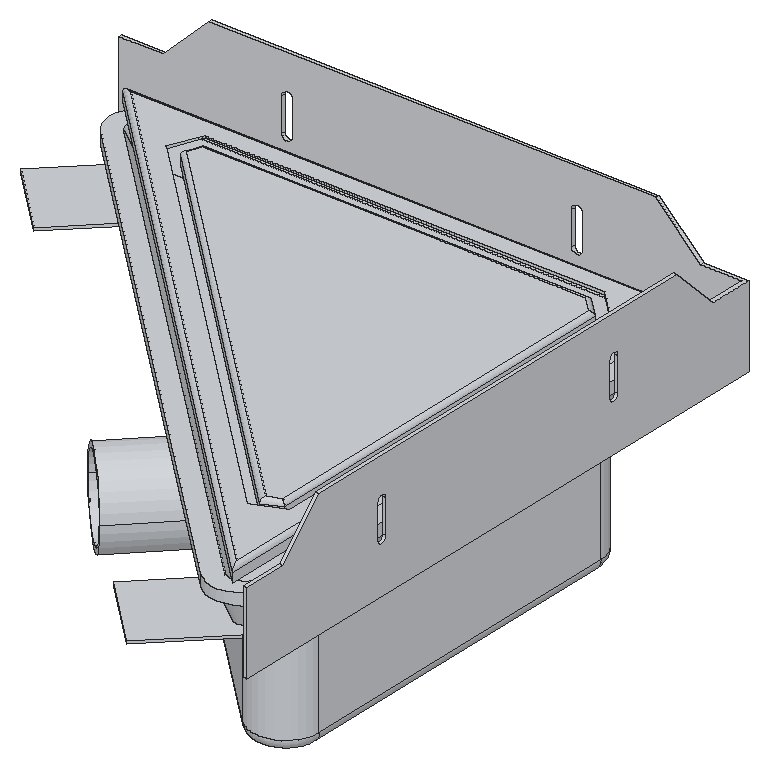
Revit family "S-794", category Aparatos sanitarios, Revit 2015
Parameters (values of type "S-794_40_ELEGANCE")
  WFU = 1
  URL = "http://www.jimten.com/es/producto/372/sumidero-linnum-triangular-sorientable"
  Sello hidráulico = "50 mm"  # constant formula
  Salida = "40H"
  Rejilla = INOX AISI304
  Referencia = "13358"
  Modelo = "S-794"  # constant formula
  Medida = "236mm x 331mm x 236 mm"
  Material = ABS
  Hmin = 6 mm  # constant formula
  Hmax = 16 mm  # constant formula
  H_calculo [instance] = if(H_AlturaRejilla < Hmax, if(H_AlturaRejilla > Hmin, H_AlturaRejilla, Hmin), Hmax)  # 10 mm
  H_AlturaRejilla [instance] = 10 mm
  Fabricante = "Jimten"  # constant formula
  F = 50 mm
  E = 40 mm
  Dmin = 10 mm  # constant formula
  Dmax = 26 mm  # constant formula
  Descripción = "SUMIDERO TRIANGULAR PARA PLATOS DE DUCHA DE OBRA EN ESQUINA, SIFON EXTRAIBLE, SALIDA HORIZONTAL ORIENTABLE, CON REJILLA ELEGANCE, REGULACION DE ALTURA"  # constant formula
  D_calculo [instance] = if(D < Dmax, if(D > Dmin, D, Dmin), Dmax)  # 10 mm
  D [instance] = 10 mm
  Comentarios de tipo = "CON FIJACION A PARED, CON PRENSATELAS PARA LÁMINAS IMPERMEABILIZANTES GEOTEXTILES O DE PVC. CON PROTECCION DE OBRA.  CON REJILLA REGULABLE EN ALTURA."  # constant formula
  Caudal = 0.8 L/s  # constant formula
  Altura total mínima = "98-108mm"  # constant formula
Types (2, lengths in mm): name | Salida | Referencia
  S-794_40-50_ELEGANCE | "40M/50M" | "13359"
  S-794_40_ELEGANCE | "40H" | "13358"
Reference planes
  plane 1 "Center (Front/Back)": y = 0
  plane 2: z = 0
  plane 3 "Center (Left/Right)": x = 0
  plane 4: z = -10
  plane 5: y = -10
  plane 6: x = -10
Dimensions and locks
  "H_calculo": level to plane 4
  "D_calculo": plane 5 to plane 1 "Center (Front/Back)"
  "D_calculo": plane 6 to plane 3 "Center (Left/Right)"
  locked: nested 2 to nested 1 at 9.5
  locked: nested 1 to nested 2 at 9.5
  aligned and locked: level to plane 2
  aligned and locked: plane 4 to nested 1
  aligned and locked: plane 6 to nested 1
  aligned and locked: plane 5 to nested 1
  aligned and locked: plane 1 "Center (Front/Back)" to nested 3
  aligned and locked: plane 3 "Center (Left/Right)" to nested 3
  aligned and locked: nested 3 to nested 1
Nested families
  nested 1: "S-794_Outlet" at (-10, -10, -10), type "S-794_Outlet"
  nested 2: "S-794_RejillaElegance" at (-10, -10, 0), type "S-794_RejillaElegance"
  nested 3: "S-794_Fijo" at (0, 0, -29), type "S-794_Fijo"
Connectors
  piping at (-162.514, -162.514, -66.621), diameter 40, driven by "E", driven by "WFU", driven by "Caudal"
    settings: on nested 1, index 1, connector inside diameter 609.6 mm, connector length 0 mm, flow factor 0, pipe flow 0.8 L/s, pressure drop 0.0 Pa, fitting loss kfactor 0, connector angle 0.00°, fixture units 1, engagement length 0 mm, angle of deflection 0.00°, flow configuration 0, flow direction 2, fitting loss method 0, system type 16, joint type 0, gender type 0, connector reference index -1, connector utility 0, adjustable connector yes, is connector primary yes, connector description ""
Definition of nested family "S-794_Outlet"
  Parameters (values of type "S-790_Outlet")
    MaterialOutlet = none
    F = 50 mm
    Eint = E - 5 mm  # 35 mm
    E = 40 mm
    G = 91.778 mm
    C = 394.5 mm
    B = 255 mm
    A = 188 mm
  Reference planes
    plane 1 "Center (Front/Back)": y = 0
    plane 2: z = 0
    plane 3 "Center (Left/Right)": x = 0
    plane 4: z = -91.778
    plane 5 "E2": z = -56.621
    plane 6: x = -255
    plane 7: y = -255
    plane 8 "A1": through (-265.872, -10.872, 1200) normal (0.7071, 0.7071, 0)
    plane 9 "A2": through (-127.339, 116.466, 1200) normal (0.7071, 0.7071, 0)
    plane 10 "E": through (-196.532, -51.928, 1200) normal (0.7071, 0.7071, 0)
    plane 11: through (0, 0, 1200) normal (0.7071, -0.7071, 0)
    plane 12: through (-318.87, 13.842, 1200) normal (0.7071, 0.7071, 0)
  Forms (mm)
    Sweep 1, solid
      path origin (0, 0, 0) x (1, 0, 0) y (0, 1, 0)
        loop
          line (-250.284, -26.46) -> (-26.46, -250.284)
          arc (-26.46, -250.284) -> (-9.568, -253.644) -> (0, -239.324) r 15.5
          line (0, -239.324) -> (0, -18.5)
          arc (0, -18.5) -> (-5.419, -5.419) -> (-18.5, 0) r 18.5
          line (-18.5, 0) -> (-239.324, 0)
          arc (-239.324, 0) -> (-253.644, -9.568) -> (-250.284, -26.46) r 15.5
      profile origin (-138.372, -138.372, 0) x (0.707107, 0.707107, 0) y (0, 0, 1)
        loop
          line (0, 0) -> (0, -5) -> (5, -5) -> (11.133, -19) -> (14.402, -19) -> (14.402, -14) -> (8.268, 0) -> (0, 0)
    Extrusion 2, solid
      sketch origin (0, 0, 0) x (1, 0, 0) y (0, 1, 0)
        loop
          line (-240.101, -16.277) -> (-16.277, -240.101)
          arc (-16.277, -240.101) -> (-15.08, -240.339) -> (-14.402, -239.324) r 1.098
          line (-14.402, -239.324) -> (-14.402, -18.5)
          arc (-14.402, -18.5) -> (-15.602, -15.602) -> (-18.5, -14.402) r 4.098
          line (-18.5, -14.402) -> (-239.324, -14.402)
          arc (-239.324, -14.402) -> (-240.339, -15.08) -> (-240.101, -16.277) r 1.098
        loop
          circle (-80.08, -80.08) r 25
      from -19 to -14
    Sweep 3, solid
      path origin (131.491, -10.422, -19) x (0, -1, 0) y (1, 0, 0)
        loop
          line (9.578, -166.491) -> (9.578, -323.738)
          arc (9.578, -323.738) -> (18.838, -337.596) -> (35.185, -334.344) r 15
          line (35.185, -334.344) -> (192.432, -177.098)
          arc (192.432, -177.098) -> (195.683, -160.751) -> (181.825, -151.491) r 15
          line (181.825, -151.491) -> (24.578, -151.491)
          arc (24.578, -151.491) -> (13.971, -155.884) -> (9.578, -166.491) r 15
      profile origin (-113.623, -20, -19) x (0, -1, 0) y (0, 0, 1)
        loop
          line (0, 0) -> (0, -67.778)
          arc (0, -67.778) -> (1.464, -71.314) -> (5, -72.778) r 5
          line (5, -72.778) -> (5, 0) -> (0, 0)
    Extrusion 4, solid
      sketch origin (0, 0, 0) x (1, 0, 0) y (0, 1, 0)
        loop
          line (-199.318, -42.071) -> (-42.071, -199.318)
          arc (-42.071, -199.318) -> (-31.173, -201.486) -> (-25, -192.247) r 10
          line (-25, -192.247) -> (-25, -35)
          arc (-25, -35) -> (-27.929, -27.929) -> (-35, -25) r 10
          line (-35, -25) -> (-192.247, -25)
          arc (-192.247, -25) -> (-201.486, -31.173) -> (-199.318, -42.071) r 10
      from -91.778 to -86.6
    Extrusion 5, solid
      sketch origin (-105.039, -143.421, 0) x (-0.707107, 0.707107, 0) y (0, 0, 1)
        loop
          circle (27.14, -56.621) r 20
        loop
          circle (27.14, -56.621) r 17.5
      from -40 to 0
    Extrusion 6, void
      sketch origin (-124.23, -124.23, 0) x (-0.707107, 0.707107, 0) y (0, 0, 1)
        loop
          circle (0, -56.621) r 17.5
      from 0 to 5
  Cuts and joins
    joined: Sweep 1, Extrusion 2
    Extrusion 6 cuts Sweep 3
    joined: Sweep 3, Extrusion 4, Extrusion 5
  Dimensions and locks
    "G": level to plane 4
    plane 5 "E2" to plane 4 = 35.157 mm
    "B": plane 6 to plane 3 "Center (Left/Right)"
    "B": plane 7 to plane 1 "Center (Front/Back)"
    "A": plane 9 "A2" to plane 8 "A1"
    plane 8 "A1" to plane 12 = 20 mm
    "Eint": diameter of Extrusion 5 sketch curve
    "E": diameter of Extrusion 5 sketch curve
    aligned and locked: level to plane 2
    aligned and locked: Sweep 1 sketch curve to plane 1 "Center (Front/Back)"
    aligned and locked: plane 3 "Center (Left/Right)" to Sweep 1 sketch curve
    aligned and locked: Sweep 1 sketch curve to plane 8 "A1"
    aligned and locked: Extrusion 2 sketch curve to Sweep 1  (x3)
    aligned and locked: Sweep 1 to Extrusion 2
    aligned and locked: Extrusion 2 to Sweep 1
    aligned and locked: Sweep 3 to plane 4
    aligned and locked: Sweep 3 to cut or joined group of Sweep 1, Extrusion 2
    aligned and locked: Extrusion 4 sketch curve to Sweep 3  (x3)
    aligned and locked: Extrusion 4 to Sweep 3
    aligned and locked: plane 5 "E2" to Extrusion 5 sketch curve
    aligned and locked: Extrusion 6 sketch curve to Extrusion 5
    aligned and locked: Extrusion 5 to plane 12
  Automatic sketch dimensions
    plane 7 to Sweep 1 sketch curve = 15.676 mm
    Sweep 1 sketch curve to plane 3 "Center (Left/Right)" = 18.5 mm
    plane 7 to Sweep 1 sketch curve = 4.716 mm
    plane 6 to Sweep 1 sketch curve = 15.676 mm
    plane 6 to Sweep 1 sketch curve = 4.716 mm
    Sweep 1 sketch curve to profile plane = 0 mm
    Sweep 1 sketch curve to level = 0 mm
    Sweep 1 sketch curve to profile plane = 8.268 mm
    Sweep 1 sketch curve to profile plane = 11.133 mm
    Sweep 1 sketch curve to Sweep 1 sketch curve = 3.268 mm
    Sweep 1 sketch curve to Sweep 1 sketch curve = 5 mm  (x2)
    Sweep 1 sketch curve to Sweep 1 sketch curve = 14 mm
    Sweep 1 sketch curve to profile plane = 5 mm
    Extrusion 2 sketch curve to Extrusion 2 sketch curve = 0.777 mm
    Extrusion 2 sketch curve to plane 3 "Center (Left/Right)" = 80.08 mm
    plane 7 to Extrusion 2 sketch curve = 14.899 mm
    plane 1 "Center (Front/Back)" to Extrusion 2 sketch curve = 80.08 mm
    Sweep 3 sketch curve to Sweep 3 sketch curve = 15 mm
    Sweep 3 sketch curve to Sweep 3 sketch curve = 10.607 mm  (x2)
    Sweep 3 sketch curve to Sweep 3 sketch curve = 157.247 mm  (x3)
    Sweep 3 sketch curve to profile plane = 0 mm  (x2)
    Sweep 3 sketch curve to profile plane = 5 mm
    Sweep 3 sketch curve to profile plane = 67.778 mm
    Extrusion 4 sketch curve to Extrusion 4 sketch curve = 7.071 mm
    plane 1 "Center (Front/Back)" to Extrusion 4 sketch curve = 42.071 mm
    plane 11 to Sweep 3 sketch curve = 0 mm
    Sweep 3 sketch curve to plane 10 "E" = 0 mm  (x2)
    Extrusion 5 sketch curve to Extrusion 5 sketch curve = 0 mm  (x2)
    Extrusion 5 sketch curve to plane 11 = 0 mm
    radius of Extrusion 2 sketch curve = 25 mm
Definition of nested family "S-794_RejillaElegance"
  Parameters (values of type "S-794_RejillaElegance")
    MaterialRejilla = none
    K = 169 mm
    J = 331.5 mm
    I = 236 mm
  Reference planes
    plane 1 "Center (Front/Back)": y = 0
    plane 2: z = 0
    plane 3 "Center (Left/Right)": x = 0
    plane 4: x = -255
    plane 5: y = -255
    plane 6 "A1": through (-265.872, -10.872, 1200) normal (0.7071, 0.7071, 0)
    plane 7 "A2": through (-127.339, 116.466, 1200) normal (0.7071, 0.7071, 0)
    plane 8: through (0, 0, 1200) normal (0.7071, -0.7071, 0)
    plane 9: through (-301.281, 37.971, 1200) normal (0.7071, 0.7071, 0)
    plane 10: through (-188.106, 163.799, 1200) normal (0.7071, 0.7071, 0)
    plane 11: y = -9.5
    plane 12: y = -245.5
    plane 13: x = -245.5
    plane 14: x = -9.5
    plane 15 "lineas de modelo": z = 1
  Forms (mm)
    Extrusion 1, solid
      sketch origin (0, 0, 0) x (1, 0, 0) y (0, 1, 0)
        loop
          line (-30.531, -19.5) -> (-209.244, -19.5) -> (-215.226, -33.942) -> (-33.942, -215.226) -> (-19.5, -209.244) -> (-19.5, -30.531) -> (-30.531, -19.5)
        loop
          line (-248.981, -11.5) -> (-11.5, -248.981) -> (-11.5, -11.5) -> (-248.981, -11.5)
      from -1 to 0
    Sweep 2, solid
      path origin (0, 0, 0) x (1, 0, 0) y (0, 1, 0)
        loop
          line (-209.328, -32.768) -> (-32.768, -209.328) -> (-24.5, -205.903) -> (-24.5, -32.602) -> (-32.602, -24.5) -> (-205.903, -24.5) -> (-209.328, -32.768)
      profile origin (-121.048, -121.048, 0) x (0.707107, 0.707107, 0) y (0, 0, 1)
        loop
          line (0, -2) -> (0, -6) -> (2, -6) -> (2, 0)
          arc (2, 0) -> (0.586, -0.586) -> (0, -2) r 2
    Extrusion 3, solid
      sketch origin (0, 0, 0) x (1, 0, 0) y (0, 1, 0)
        loop
          line (-206.969, -32.299) -> (-32.299, -206.969) -> (-26.5, -204.567) -> (-26.5, -33.43) -> (-33.43, -26.5) -> (-204.567, -26.5) -> (-206.969, -32.299)
      from -1 to 0
    Sweep 4, solid
      path origin (-265, 0, 0) x (1, 0, 0) y (0, 1, 0)
        loop
          line (11.191, -9.5) -> (255.5, -253.809) -> (255.5, -9.5) -> (11.191, -9.5)
      profile origin (-131.655, -131.655, 0) x (0.707107, 0.707107, 0) y (0, 0, 1)
        loop
          line (0, -2) -> (0, -6) -> (2, -6) -> (2, 0)
          arc (2, 0) -> (0.586, -0.586) -> (0, -2) r 2
  Cuts and joins
    joined: Extrusion 1, Sweep 4
    joined: Sweep 2, Extrusion 3
  Lines and regions (mm)
    model lines, detail levels medium+fine
      curve 1: line (-155.108, -47.201, 1) -> (-155.108, -53.836, 1)
      curve 2: line (-148.503, -47.201, 1) -> (-155.108, -47.201, 1)
      curve 3: line (-148.503, -53.836, 1) -> (-148.503, -47.201, 1)
      curve 4: line (-155.108, -53.836, 1) -> (-148.503, -53.836, 1)
      curve 5: line (-158.18, -49.904, 1) -> (-158.18, -37.554, 1)
      curve 6: line (-164.785, -49.904, 1) -> (-158.18, -49.904, 1)
      curve 7: line (-164.785, -37.554, 1) -> (-164.785, -49.904, 1)
      curve 8: line (-158.18, -37.554, 1) -> (-164.785, -37.554, 1)
      curve 9: line (-167.857, -37.554, 1) -> (-174.462, -37.554, 1)
      curve 10: line (-174.462, -37.554, 1) -> (-174.462, -49.904, 1)
      curve 11: line (-174.462, -49.904, 1) -> (-167.857, -49.904, 1)
      curve 12: line (-167.857, -49.904, 1) -> (-167.857, -37.554, 1)
      curve 13: line (-155.108, -37.554, 1) -> (-155.108, -44.19, 1)
      curve 14: line (-148.503, -37.554, 1) -> (-155.108, -37.554, 1)
      curve 15: line (-148.503, -44.19, 1) -> (-148.503, -37.554, 1)
      curve 16: line (-155.108, -44.19, 1) -> (-148.503, -44.19, 1)
      curve 17: line (-145.431, -44.19, 1) -> (-138.826, -44.19, 1)
      curve 18: line (-145.431, -37.554, 1) -> (-145.431, -44.19, 1)
      curve 19: line (-138.826, -37.554, 1) -> (-145.431, -37.554, 1)
      curve 20: line (-138.826, -44.19, 1) -> (-138.826, -37.554, 1)
      curve 21: line (-145.431, -47.201, 1) -> (-145.431, -53.836, 1)
      curve 22: line (-138.826, -47.201, 1) -> (-145.431, -47.201, 1)
      curve 23: line (-138.826, -53.836, 1) -> (-138.826, -47.201, 1)
      curve 24: line (-145.431, -53.836, 1) -> (-138.826, -53.836, 1)
      curve 25: line (-155.108, -60.841, 1) -> (-155.108, -73.19, 1)
      curve 26: line (-148.503, -60.841, 1) -> (-155.108, -60.841, 1)
      curve 27: line (-148.503, -73.19, 1) -> (-148.503, -60.841, 1)
      curve 28: line (-155.108, -73.19, 1) -> (-148.503, -73.19, 1)
      curve 29: line (-145.431, -73.19, 1) -> (-138.826, -73.19, 1)
      curve 30: line (-145.431, -60.841, 1) -> (-145.431, -73.19, 1)
      curve 31: line (-138.826, -60.841, 1) -> (-145.431, -60.841, 1)
      curve 32: line (-138.826, -73.19, 1) -> (-138.826, -60.841, 1)
      curve 33: line (-104.472, -47.201, 1) -> (-104.472, -53.836, 1)
      curve 34: line (-97.867, -47.201, 1) -> (-104.472, -47.201, 1)
      curve 35: line (-97.867, -53.836, 1) -> (-97.867, -47.201, 1)
      curve 36: line (-104.472, -53.836, 1) -> (-97.867, -53.836, 1)
      curve 37: line (-107.544, -49.904, 1) -> (-107.544, -37.554, 1)
      curve 38: line (-114.149, -49.904, 1) -> (-107.544, -49.904, 1)
      curve 39: line (-114.149, -37.554, 1) -> (-114.149, -49.904, 1)
      curve 40: line (-107.544, -37.554, 1) -> (-114.149, -37.554, 1)
      curve 41: line (-117.221, -37.554, 1) -> (-123.826, -37.554, 1)
      curve 42: line (-123.826, -37.554, 1) -> (-123.826, -49.904, 1)
      curve 43: line (-123.826, -49.904, 1) -> (-117.221, -49.904, 1)
      curve 44: line (-117.221, -49.904, 1) -> (-117.221, -37.554, 1)
      curve 45: line (-104.472, -37.554, 1) -> (-104.472, -44.19, 1)
      curve 46: line (-97.867, -37.554, 1) -> (-104.472, -37.554, 1)
      curve 47: line (-97.867, -44.19, 1) -> (-97.867, -37.554, 1)
      curve 48: line (-104.472, -44.19, 1) -> (-97.867, -44.19, 1)
      curve 49: line (-94.795, -44.19, 1) -> (-88.19, -44.19, 1)
      curve 50: line (-94.795, -37.554, 1) -> (-94.795, -44.19, 1)
      curve 51: line (-88.19, -37.554, 1) -> (-94.795, -37.554, 1)
      curve 52: line (-88.19, -44.19, 1) -> (-88.19, -37.554, 1)
      curve 53: line (-94.795, -47.201, 1) -> (-94.795, -53.836, 1)
      curve 54: line (-88.19, -47.201, 1) -> (-94.795, -47.201, 1)
      curve 55: line (-88.19, -53.836, 1) -> (-88.19, -47.201, 1)
      curve 56: line (-94.795, -53.836, 1) -> (-88.19, -53.836, 1)
      curve 57: line (-107.544, -63.544, 1) -> (-107.544, -56.908, 1)
      curve 58: line (-114.149, -63.544, 1) -> (-107.544, -63.544, 1)
      curve 59: line (-114.149, -56.908, 1) -> (-114.149, -63.544, 1)
      curve 60: line (-107.544, -56.908, 1) -> (-114.149, -56.908, 1)
      curve 61: line (-107.544, -73.19, 1) -> (-107.544, -66.555, 1)
      curve 62: line (-114.149, -73.19, 1) -> (-107.544, -73.19, 1)
      curve 63: line (-114.149, -66.555, 1) -> (-114.149, -73.19, 1)
      curve 64: line (-107.544, -66.555, 1) -> (-114.149, -66.555, 1)
      curve 65: line (-117.221, -66.555, 1) -> (-123.826, -66.555, 1)
      curve 66: line (-117.221, -73.19, 1) -> (-117.221, -66.555, 1)
      curve 67: line (-123.826, -73.19, 1) -> (-117.221, -73.19, 1)
      curve 68: line (-123.826, -66.555, 1) -> (-123.826, -73.19, 1)
      curve 69: line (-117.221, -63.544, 1) -> (-117.221, -56.908, 1)
      curve 70: line (-123.826, -63.544, 1) -> (-117.221, -63.544, 1)
      curve 71: line (-123.826, -56.908, 1) -> (-123.826, -63.544, 1)
      curve 72: line (-117.221, -56.908, 1) -> (-123.826, -56.908, 1)
      curve 73: line (-104.472, -60.841, 1) -> (-104.472, -73.19, 1)
      curve 74: line (-97.867, -60.841, 1) -> (-104.472, -60.841, 1)
      curve 75: line (-97.867, -73.19, 1) -> (-97.867, -60.841, 1)
      curve 76: line (-104.472, -73.19, 1) -> (-97.867, -73.19, 1)
      curve 77: line (-94.795, -73.19, 1) -> (-88.19, -73.19, 1)
      curve 78: line (-94.795, -60.841, 1) -> (-94.795, -73.19, 1)
      curve 79: line (-88.19, -60.841, 1) -> (-94.795, -60.841, 1)
      curve 80: line (-88.19, -73.19, 1) -> (-88.19, -60.841, 1)
      curve 81: line (-53.836, -47.201, 1) -> (-53.836, -53.836, 1)
      curve 82: line (-47.231, -47.201, 1) -> (-53.836, -47.201, 1)
      curve 83: line (-47.231, -53.836, 1) -> (-47.231, -47.201, 1)
      curve 84: line (-53.836, -53.836, 1) -> (-47.231, -53.836, 1)
      curve 85: line (-56.908, -49.904, 1) -> (-56.908, -37.554, 1)
      curve 86: line (-63.513, -49.904, 1) -> (-56.908, -49.904, 1)
      curve 87: line (-63.513, -37.554, 1) -> (-63.513, -49.904, 1)
      curve 88: line (-56.908, -37.554, 1) -> (-63.513, -37.554, 1)
      curve 89: line (-66.585, -37.554, 1) -> (-73.19, -37.554, 1)
      curve 90: line (-73.19, -37.554, 1) -> (-73.19, -49.904, 1)
      curve 91: line (-73.19, -49.904, 1) -> (-66.585, -49.904, 1)
      curve 92: line (-66.585, -49.904, 1) -> (-66.585, -37.554, 1)
      curve 93: line (-53.836, -37.554, 1) -> (-53.836, -44.19, 1)
      curve 94: line (-47.231, -37.554, 1) -> (-53.836, -37.554, 1)
      curve 95: line (-47.231, -44.19, 1) -> (-47.231, -37.554, 1)
      curve 96: line (-53.836, -44.19, 1) -> (-47.231, -44.19, 1)
      curve 97: line (-44.159, -44.19, 1) -> (-37.554, -44.19, 1)
      curve 98: line (-44.159, -37.554, 1) -> (-44.159, -44.19, 1)
      curve 99: line (-37.554, -37.554, 1) -> (-44.159, -37.554, 1)
      curve 100: line (-37.554, -44.19, 1) -> (-37.554, -37.554, 1)
      curve 101: line (-44.159, -47.201, 1) -> (-44.159, -53.836, 1)
      curve 102: line (-37.554, -47.201, 1) -> (-44.159, -47.201, 1)
      curve 103: line (-37.554, -53.836, 1) -> (-37.554, -47.201, 1)
      curve 104: line (-44.159, -53.836, 1) -> (-37.554, -53.836, 1)
      curve 105: line (-56.908, -63.544, 1) -> (-56.908, -56.908, 1)
      curve 106: line (-63.513, -63.544, 1) -> (-56.908, -63.544, 1)
      curve 107: line (-63.513, -56.908, 1) -> (-63.513, -63.544, 1)
      curve 108: line (-56.908, -56.908, 1) -> (-63.513, -56.908, 1)
      curve 109: line (-56.908, -73.19, 1) -> (-56.908, -66.555, 1)
      curve 110: line (-63.513, -73.19, 1) -> (-56.908, -73.19, 1)
      curve 111: line (-63.513, -66.555, 1) -> (-63.513, -73.19, 1)
      curve 112: line (-56.908, -66.555, 1) -> (-63.513, -66.555, 1)
      curve 113: line (-66.585, -66.555, 1) -> (-73.19, -66.555, 1)
      curve 114: line (-66.585, -73.19, 1) -> (-66.585, -66.555, 1)
      curve 115: line (-73.19, -73.19, 1) -> (-66.585, -73.19, 1)
      curve 116: line (-73.19, -66.555, 1) -> (-73.19, -73.19, 1)
      curve 117: line (-66.585, -63.544, 1) -> (-66.585, -56.908, 1)
      curve 118: line (-73.19, -63.544, 1) -> (-66.585, -63.544, 1)
      curve 119: line (-73.19, -56.908, 1) -> (-73.19, -63.544, 1)
      curve 120: line (-66.585, -56.908, 1) -> (-73.19, -56.908, 1)
      curve 121: line (-53.836, -60.841, 1) -> (-53.836, -73.19, 1)
      curve 122: line (-47.231, -60.841, 1) -> (-53.836, -60.841, 1)
      curve 123: line (-47.231, -73.19, 1) -> (-47.231, -60.841, 1)
      curve 124: line (-53.836, -73.19, 1) -> (-47.231, -73.19, 1)
      curve 125: line (-44.159, -73.19, 1) -> (-37.554, -73.19, 1)
      curve 126: line (-44.159, -60.841, 1) -> (-44.159, -73.19, 1)
      curve 127: line (-37.554, -60.841, 1) -> (-44.159, -60.841, 1)
      curve 128: line (-37.554, -73.19, 1) -> (-37.554, -60.841, 1)
      curve 129: line (-104.472, -97.836, 1) -> (-104.472, -104.472, 1)
      curve 130: line (-97.867, -97.836, 1) -> (-104.472, -97.836, 1)
      curve 131: line (-97.867, -104.472, 1) -> (-97.867, -97.836, 1)
      curve 132: line (-104.472, -104.472, 1) -> (-97.867, -104.472, 1)
      curve 133: line (-107.544, -100.54, 1) -> (-107.544, -88.19, 1)
      curve 134: line (-114.149, -100.54, 1) -> (-107.544, -100.54, 1)
      curve 135: line (-114.149, -88.19, 1) -> (-114.149, -100.54, 1)
      curve 136: line (-107.544, -88.19, 1) -> (-114.149, -88.19, 1)
      curve 137: line (-117.221, -88.19, 1) -> (-123.826, -88.19, 1)
      curve 138: line (-123.826, -88.19, 1) -> (-123.826, -100.54, 1)
      curve 139: line (-123.826, -100.54, 1) -> (-117.221, -100.54, 1)
      curve 140: line (-117.221, -100.54, 1) -> (-117.221, -88.19, 1)
      curve 141: line (-104.472, -88.19, 1) -> (-104.472, -94.826, 1)
      curve 142: line (-97.867, -88.19, 1) -> (-104.472, -88.19, 1)
      curve 143: line (-97.867, -94.826, 1) -> (-97.867, -88.19, 1)
      curve 144: line (-104.472, -94.826, 1) -> (-97.867, -94.826, 1)
      curve 145: line (-94.795, -94.826, 1) -> (-88.19, -94.826, 1)
      curve 146: line (-94.795, -88.19, 1) -> (-94.795, -94.826, 1)
      curve 147: line (-88.19, -88.19, 1) -> (-94.795, -88.19, 1)
      curve 148: line (-88.19, -94.826, 1) -> (-88.19, -88.19, 1)
      curve 149: line (-94.795, -97.836, 1) -> (-94.795, -104.472, 1)
      curve 150: line (-88.19, -97.836, 1) -> (-94.795, -97.836, 1)
      curve 151: line (-88.19, -104.472, 1) -> (-88.19, -97.836, 1)
      curve 152: line (-94.795, -104.472, 1) -> (-88.19, -104.472, 1)
      curve 153: line (-104.472, -111.476, 1) -> (-104.472, -123.826, 1)
      curve 154: line (-97.867, -111.476, 1) -> (-104.472, -111.476, 1)
      curve 155: line (-97.867, -123.826, 1) -> (-97.867, -111.476, 1)
      curve 156: line (-104.472, -123.826, 1) -> (-97.867, -123.826, 1)
      curve 157: line (-94.795, -123.826, 1) -> (-88.19, -123.826, 1)
      curve 158: line (-94.795, -111.476, 1) -> (-94.795, -123.826, 1)
      curve 159: line (-88.19, -111.476, 1) -> (-94.795, -111.476, 1)
      curve 160: line (-88.19, -123.826, 1) -> (-88.19, -111.476, 1)
      curve 161: line (-53.836, -97.836, 1) -> (-53.836, -104.472, 1)
      curve 162: line (-47.231, -97.836, 1) -> (-53.836, -97.836, 1)
      curve 163: line (-47.231, -104.472, 1) -> (-47.231, -97.836, 1)
      curve 164: line (-53.836, -104.472, 1) -> (-47.231, -104.472, 1)
      curve 165: line (-56.908, -100.54, 1) -> (-56.908, -88.19, 1)
      curve 166: line (-63.513, -100.54, 1) -> (-56.908, -100.54, 1)
      curve 167: line (-63.513, -88.19, 1) -> (-63.513, -100.54, 1)
      curve 168: line (-56.908, -88.19, 1) -> (-63.513, -88.19, 1)
      curve 169: line (-66.585, -88.19, 1) -> (-73.19, -88.19, 1)
      curve 170: line (-73.19, -88.19, 1) -> (-73.19, -100.54, 1)
      curve 171: line (-73.19, -100.54, 1) -> (-66.585, -100.54, 1)
      curve 172: line (-66.585, -100.54, 1) -> (-66.585, -88.19, 1)
      curve 173: line (-53.836, -88.19, 1) -> (-53.836, -94.826, 1)
      curve 174: line (-47.231, -88.19, 1) -> (-53.836, -88.19, 1)
      curve 175: line (-47.231, -94.826, 1) -> (-47.231, -88.19, 1)
      curve 176: line (-53.836, -94.826, 1) -> (-47.231, -94.826, 1)
      curve 177: line (-44.159, -94.826, 1) -> (-37.554, -94.826, 1)
      curve 178: line (-44.159, -88.19, 1) -> (-44.159, -94.826, 1)
      curve 179: line (-37.554, -88.19, 1) -> (-44.159, -88.19, 1)
      curve 180: line (-37.554, -94.826, 1) -> (-37.554, -88.19, 1)
      curve 181: line (-44.159, -97.836, 1) -> (-44.159, -104.472, 1)
      curve 182: line (-37.554, -97.836, 1) -> (-44.159, -97.836, 1)
      curve 183: line (-37.554, -104.472, 1) -> (-37.554, -97.836, 1)
      curve 184: line (-44.159, -104.472, 1) -> (-37.554, -104.472, 1)
      curve 185: line (-56.908, -114.18, 1) -> (-56.908, -107.544, 1)
      curve 186: line (-63.513, -114.18, 1) -> (-56.908, -114.18, 1)
      curve 187: line (-63.513, -107.544, 1) -> (-63.513, -114.18, 1)
      curve 188: line (-56.908, -107.544, 1) -> (-63.513, -107.544, 1)
      curve 189: line (-56.908, -123.826, 1) -> (-56.908, -117.19, 1)
      curve 190: line (-63.513, -123.826, 1) -> (-56.908, -123.826, 1)
      curve 191: line (-63.513, -117.19, 1) -> (-63.513, -123.826, 1)
      curve 192: line (-56.908, -117.19, 1) -> (-63.513, -117.19, 1)
      curve 193: line (-66.585, -117.19, 1) -> (-73.19, -117.19, 1)
      curve 194: line (-66.585, -123.826, 1) -> (-66.585, -117.19, 1)
      curve 195: line (-73.19, -123.826, 1) -> (-66.585, -123.826, 1)
      curve 196: line (-73.19, -117.19, 1) -> (-73.19, -123.826, 1)
      curve 197: line (-66.585, -114.18, 1) -> (-66.585, -107.544, 1)
      curve 198: line (-73.19, -114.18, 1) -> (-66.585, -114.18, 1)
      curve 199: line (-73.19, -107.544, 1) -> (-73.19, -114.18, 1)
      curve 200: line (-66.585, -107.544, 1) -> (-73.19, -107.544, 1)
      curve 201: line (-53.836, -111.476, 1) -> (-53.836, -123.826, 1)
      curve 202: line (-47.231, -111.476, 1) -> (-53.836, -111.476, 1)
      curve 203: line (-47.231, -123.826, 1) -> (-47.231, -111.476, 1)
      curve 204: line (-53.836, -123.826, 1) -> (-47.231, -123.826, 1)
      curve 205: line (-44.159, -123.826, 1) -> (-37.554, -123.826, 1)
      curve 206: line (-44.159, -111.476, 1) -> (-44.159, -123.826, 1)
      curve 207: line (-37.554, -111.476, 1) -> (-44.159, -111.476, 1)
      curve 208: line (-37.554, -123.826, 1) -> (-37.554, -111.476, 1)
      curve 209: line (-53.836, -148.472, 1) -> (-53.836, -155.108, 1)
      curve 210: line (-47.231, -148.472, 1) -> (-53.836, -148.472, 1)
      curve 211: line (-47.231, -155.108, 1) -> (-47.231, -148.472, 1)
      curve 212: line (-53.836, -155.108, 1) -> (-47.231, -155.108, 1)
      curve 213: line (-56.908, -151.176, 1) -> (-56.908, -138.826, 1)
      curve 214: line (-63.513, -151.176, 1) -> (-56.908, -151.176, 1)
      curve 215: line (-63.513, -138.826, 1) -> (-63.513, -151.176, 1)
      curve 216: line (-56.908, -138.826, 1) -> (-63.513, -138.826, 1)
      curve 217: line (-66.585, -138.826, 1) -> (-73.19, -138.826, 1)
      curve 218: line (-73.19, -138.826, 1) -> (-73.19, -151.176, 1)
      curve 219: line (-73.19, -151.176, 1) -> (-66.585, -151.176, 1)
      curve 220: line (-66.585, -151.176, 1) -> (-66.585, -138.826, 1)
      curve 221: line (-53.836, -138.826, 1) -> (-53.836, -145.462, 1)
      curve 222: line (-47.231, -138.826, 1) -> (-53.836, -138.826, 1)
      curve 223: line (-47.231, -145.462, 1) -> (-47.231, -138.826, 1)
      curve 224: line (-53.836, -145.462, 1) -> (-47.231, -145.462, 1)
      curve 225: line (-44.159, -145.462, 1) -> (-37.554, -145.462, 1)
      curve 226: line (-44.159, -138.826, 1) -> (-44.159, -145.462, 1)
      curve 227: line (-37.554, -138.826, 1) -> (-44.159, -138.826, 1)
      curve 228: line (-37.554, -145.462, 1) -> (-37.554, -138.826, 1)
      curve 229: line (-44.159, -148.472, 1) -> (-44.159, -155.108, 1)
      curve 230: line (-37.554, -148.472, 1) -> (-44.159, -148.472, 1)
      curve 231: line (-37.554, -155.108, 1) -> (-37.554, -148.472, 1)
      curve 232: line (-44.159, -155.108, 1) -> (-37.554, -155.108, 1)
      curve 233: line (-53.836, -162.112, 1) -> (-53.836, -174.462, 1)
      curve 234: line (-47.231, -162.112, 1) -> (-53.836, -162.112, 1)
      curve 235: line (-47.231, -174.462, 1) -> (-47.231, -162.112, 1)
      curve 236: line (-53.836, -174.462, 1) -> (-47.231, -174.462, 1)
      curve 237: line (-44.159, -174.462, 1) -> (-37.554, -174.462, 1)
      curve 238: line (-44.159, -162.112, 1) -> (-44.159, -174.462, 1)
      curve 239: line (-37.554, -162.112, 1) -> (-44.159, -162.112, 1)
      curve 240: line (-37.554, -174.462, 1) -> (-37.554, -162.112, 1)
  Dimensions and locks
    "K": plane 10 to plane 9
    "I": plane 13 to plane 14
    "I": plane 11 to plane 12
    aligned and locked: level to plane 2
    aligned and locked: level to Extrusion 1
    aligned and locked: Extrusion 3 sketch curve to Sweep 2  (x4)
    aligned and locked: Sweep 2 to Extrusion 3 sketch curve  (x2)
    aligned and locked: Extrusion 1 to Extrusion 3  (x2)
  Automatic sketch dimensions
    plane 13 to Sweep 2 sketch curve = 36.172 mm
    Sweep 2 sketch curve to plane 11 = 15 mm
    Sweep 2 sketch curve to Sweep 2 sketch curve = 3.425 mm  (x2)
    Sweep 2 sketch curve to plane 14 = 23.268 mm
    Sweep 2 sketch curve to plane 14 = 23.102 mm
    Sweep 2 sketch curve to Sweep 2 sketch curve = 8.102 mm  (x2)
    Sweep 2 sketch curve to Sweep 2 sketch curve = 8.268 mm
    plane 12 to Sweep 2 sketch curve = 39.597 mm
    Sweep 2 sketch curve to profile plane = 0 mm
    Sweep 2 sketch curve to level = 0 mm
    Sweep 2 sketch curve to profile plane = 2 mm
    Sweep 2 sketch curve to Sweep 2 sketch curve = 4 mm
    Sweep 4 sketch curve to profile plane = 0 mm
    Sweep 4 sketch curve to level = 0 mm
    Sweep 4 sketch curve to profile plane = 2 mm
    Sweep 4 sketch curve to Sweep 4 sketch curve = 4 mm
    Extrusion 1 sketch curve to plane 8 = 0 mm
    plane 13 to Extrusion 1 sketch curve = 30.274 mm
    Extrusion 1 sketch curve to Extrusion 1 sketch curve = 5.982 mm  (x2)
    Extrusion 1 sketch curve to plane 14 = 24.442 mm
    Extrusion 1 sketch curve to plane 11 = 10 mm
    Extrusion 1 sketch curve to plane 14 = 21.031 mm
    Extrusion 1 sketch curve to plane 14 = 10 mm
    Extrusion 1 sketch curve to plane 14 = 2 mm
    Extrusion 1 sketch curve to Extrusion 1 sketch curve = 11.031 mm
    Extrusion 1 sketch curve to Extrusion 1 sketch curve = 14.442 mm
    plane 12 to Extrusion 1 sketch curve = 36.256 mm
    Extrusion 1 sketch curve to plane 12 = 3.481 mm
    Extrusion 1 sketch curve to plane 13 = 3.481 mm
    Sweep 4 sketch curve to plane 9 = 0 mm  (x2)
    Sweep 4 sketch curve to plane 11 = 0 mm
    plane 8 to Sweep 4 sketch curve = 0 mm
    plane 8 to curve 99 = 0 mm
    plane 8 to curve 84 = 0 mm
    plane 8 to curve 108 = 0 mm
    plane 8 to curve 115 = 0 mm
    plane 8 to curve 147 = 0 mm
    plane 8 to curve 132 = 0 mm
    curve 240 to plane 14 = 28.054 mm
    curve 183 to plane 14 = 28.054 mm
    curve 180 to curve 182 = 0 mm
    curve 97 to plane 14 = 28.054 mm
    curve 205 to curve 183 = 0 mm
    curve 232 to curve 239 = 0 mm
    curve 128 to curve 97 = 0 mm
    curve 228 to curve 230 = 0 mm
    curve 104 to curve 127 = 0 mm
    curve 103 to curve 101 = 6.605 mm
    curve 225 to curve 225 = 6.605 mm
    curve 125 to curve 125 = 6.605 mm
    curve 229 to curve 225 = 0 mm
    curve 207 to curve 207 = 6.605 mm
    curve 99 to curve 99 = 6.605 mm
    curve 177 to curve 177 = 6.605 mm
    curve 237 to curve 237 = 6.605 mm
    curve 183 to curve 184 = 6.605 mm
    curve 125 to curve 123 = 3.072 mm
    curve 101 to curve 83 = 3.072 mm
    curve 206 to curve 202 = 3.072 mm
    curve 177 to curve 176 = 3.072 mm
    curve 98 to curve 94 = 3.072 mm
    curve 181 to curve 164 = 3.072 mm
    curve 237 to curve 236 = 3.072 mm
    curve 225 to curve 224 = 3.072 mm
    curve 210 to curve 223 = 0 mm
    curve 122 to curve 122 = 6.605 mm
    curve 222 to curve 221 = 6.605 mm
    curve 211 to curve 212 = 6.605 mm
    curve 234 to curve 233 = 6.605 mm
    curve 162 to curve 161 = 6.605 mm
    curve 174 to curve 173 = 6.605 mm
    curve 95 to curve 96 = 6.605 mm
    curve 203 to curve 204 = 6.605 mm
    curve 83 to curve 84 = 6.605 mm
    curve 121 to curve 106 = 3.072 mm
    curve 201 to curve 186 = 3.072 mm
    curve 201 to curve 189 = 3.072 mm
    curve 173 to curve 165 = 3.072 mm
    curve 112 to curve 105 = 0 mm
    curve 209 to curve 213 = 3.072 mm
    curve 81 to curve 85 = 3.072 mm
    curve 85 to curve 87 = 6.605 mm
    curve 109 to curve 111 = 6.605 mm
    curve 185 to curve 186 = 6.605 mm
    curve 105 to curve 108 = 6.605 mm
    curve 213 to curve 216 = 6.605 mm
    curve 165 to curve 168 = 6.605 mm
    curve 189 to curve 190 = 6.605 mm
    curve 186 to curve 197 = 3.072 mm
    curve 190 to curve 195 = 3.072 mm
    curve 166 to curve 171 = 3.072 mm
    curve 214 to curve 219 = 3.072 mm
    curve 87 to curve 92 = 3.072 mm
    curve 107 to curve 120 = 3.072 mm
    curve 110 to curve 115 = 3.072 mm
    curve 114 to curve 115 = 6.605 mm
    curve 89 to curve 89 = 6.605 mm
    curve 118 to curve 113 = 0 mm
    curve 217 to curve 217 = 6.605 mm
    curve 171 to curve 171 = 6.605 mm
    curve 197 to curve 200 = 6.605 mm
    curve 194 to curve 196 = 6.605 mm
    curve 199 to curve 151 = 15 mm
    curve 90 to curve 49 = 15 mm
    curve 115 to curve 77 = 15 mm
    curve 160 to curve 151 = 0 mm
    curve 145 to curve 150 = 0 mm
    curve 54 to curve 49 = 0 mm
    curve 51 to curve 50 = 6.605 mm
    curve 159 to curve 159 = 6.605 mm
    curve 53 to curve 49 = 0 mm
    curve 145 to curve 145 = 6.605 mm
    curve 79 to curve 79 = 6.605 mm
    curve 149 to curve 145 = 0 mm
    curve 53 to curve 36 = 3.072 mm
    curve 158 to curve 154 = 3.072 mm
    curve 78 to curve 74 = 3.072 mm
    curve 145 to curve 144 = 3.072 mm
    curve 130 to curve 143 = 0 mm
    curve 48 to curve 34 = 0 mm
    curve 142 to curve 141 = 6.605 mm
    curve 47 to curve 45 = 6.605 mm
    curve 131 to curve 132 = 6.605 mm
    curve 75 to curve 76 = 6.605 mm
    curve 155 to curve 156 = 6.605 mm
    curve 33 to curve 45 = 0 mm
    curve 33 to curve 60 = 3.072 mm
    curve 45 to curve 40 = 3.072 mm
    curve 141 to curve 133 = 3.072 mm
    curve 64 to curve 57 = 0 mm
    curve 61 to curve 62 = 6.605 mm
    curve 37 to curve 40 = 6.605 mm
    curve 59 to curve 63 = 0 mm
    curve 133 to curve 136 = 6.605 mm
    curve 135 to curve 137 = 3.072 mm
    curve 62 to curve 66 = 3.072 mm
    curve 69 to curve 65 = 0 mm
    curve 39 to curve 44 = 3.072 mm
    curve 43 to curve 43 = 6.605 mm
    curve 65 to curve 65 = 6.605 mm
    curve 137 to curve 138 = 6.605 mm
    curve 69 to curve 72 = 6.605 mm
    curve 71 to curve 24 = 15 mm
    curve 20 to curve 22 = 0 mm
    curve 31 to curve 23 = 0 mm
    curve 22 to curve 21 = 6.605 mm
    curve 17 to curve 21 = 0 mm
    curve 31 to curve 31 = 6.605 mm
    curve 29 to curve 28 = 3.072 mm
    curve 21 to curve 3 = 3.072 mm
    curve 18 to curve 14 = 3.072 mm
    curve 14 to curve 14 = 6.605 mm
    curve 26 to curve 25 = 6.605 mm
    curve 3 to curve 1 = 6.605 mm
    curve 1 to curve 5 = 3.072 mm
    curve 5 to curve 6 = 6.605 mm
    curve 7 to curve 12 = 3.072 mm
    curve 9 to curve 10 = 6.605 mm
    curve 51 to plane 11 = 28.054 mm
    curve 20 to plane 11 = 28.054 mm
    curve 47 to curve 50 = 0 mm
    curve 44 to curve 45 = 0 mm
    curve 15 to curve 18 = 0 mm
    curve 12 to curve 13 = 0 mm
    curve 41 to curve 40 = 0 mm
    curve 95 to curve 98 = 0 mm
    curve 9 to curve 8 = 0 mm
    curve 85 to curve 93 = 0 mm
    curve 89 to curve 87 = 0 mm
    curve 98 to curve 98 = 6.636 mm
    curve 51 to curve 52 = 6.636 mm
    curve 19 to curve 20 = 6.636 mm
    curve 48 to curve 49 = 0 mm
    curve 16 to curve 17 = 0 mm
    curve 96 to curve 97 = 0 mm
    curve 97 to curve 102 = 3.011 mm
    curve 15 to curve 2 = 3.011 mm
    curve 95 to curve 83 = 3.011 mm
    curve 47 to curve 35 = 3.011 mm
    curve 17 to curve 21 = 3.011 mm
    curve 49 to curve 55 = 3.011 mm
    curve 33 to curve 37 = 2.703 mm
    curve 92 to curve 107 = 7.004 mm
    curve 1 to curve 5 = 2.703 mm
    curve 91 to curve 87 = 0 mm
    curve 10 to curve 6 = 0 mm
    curve 42 to curve 38 = 0 mm
    curve 37 to curve 33 = 3.932 mm
    curve 102 to curve 104 = 6.636 mm
    curve 2 to curve 3 = 6.636 mm
    curve 35 to curve 53 = 0 mm
    curve 22 to curve 24 = 6.636 mm
    curve 43 to curve 72 = 7.004 mm
    curve 90 to curve 120 = 7.004 mm
    curve 33 to curve 57 = 3.072 mm
    curve 55 to curve 80 = 7.004 mm
    curve 75 to curve 78 = 0 mm
    curve 23 to curve 32 = 7.004 mm
    curve 105 to curve 121 = 3.932 mm
    curve 1 to curve 25 = 7.004 mm
    curve 103 to curve 128 = 7.004 mm
    curve 73 to curve 57 = 2.703 mm
    curve 119 to curve 119 = 6.636 mm
    curve 71 to curve 71 = 6.636 mm
    curve 121 to curve 106 = 2.703 mm
    curve 69 to curve 66 = 3.011 mm
    curve 117 to curve 113 = 3.011 mm
    curve 58 to curve 64 = 3.011 mm
    curve 106 to curve 112 = 3.011 mm
    curve 109 to curve 109 = 6.636 mm
    curve 61 to curve 61 = 6.636 mm
    curve 79 to curve 80 = 12.35 mm
    curve 66 to curve 62 = 0 mm
    curve 61 to curve 73 = 0 mm
    curve 31 to curve 32 = 12.35 mm
    curve 109 to curve 121 = 0 mm
    curve 123 to curve 125 = 0 mm
    curve 28 to curve 29 = 0 mm
    curve 125 to curve 180 = 15 mm
    curve 175 to curve 178 = 0 mm
    curve 172 to curve 173 = 0 mm
    curve 133 to curve 146 = 0 mm
    curve 137 to curve 135 = 0 mm
    curve 169 to curve 168 = 0 mm
    curve 133 to curve 141 = 0 mm
    curve 146 to curve 145 = 6.636 mm
    curve 144 to curve 145 = 0 mm
    curve 173 to curve 173 = 6.636 mm
    curve 175 to curve 177 = 0 mm
    curve 141 to curve 129 = 3.011 mm
    curve 177 to curve 181 = 3.011 mm
    curve 145 to curve 151 = 3.011 mm
    curve 173 to curve 162 = 3.011 mm
    curve 169 to curve 170 = 12.35 mm
    curve 129 to curve 133 = 2.703 mm
    curve 161 to curve 165 = 2.703 mm
    curve 140 to curve 134 = 0 mm
    curve 162 to curve 164 = 6.636 mm
    curve 182 to curve 184 = 6.636 mm
    curve 131 to curve 149 = 0 mm
    curve 166 to curve 187 = 7.004 mm
    curve 170 to curve 200 = 7.004 mm
    curve 163 to curve 203 = 7.004 mm
    curve 149 to curve 158 = 7.004 mm
    curve 129 to curve 153 = 7.004 mm
    curve 183 to curve 208 = 7.004 mm
    curve 187 to curve 187 = 6.636 mm
    curve 199 to curve 199 = 6.636 mm
    curve 198 to curve 193 = 3.011 mm
    curve 185 to curve 192 = 3.011 mm
    curve 193 to curve 196 = 6.636 mm
    curve 194 to curve 191 = 0 mm
    curve 159 to curve 160 = 12.35 mm
    curve 189 to curve 201 = 0 mm
    curve 203 to curve 205 = 0 mm
    curve 156 to curve 157 = 0 mm
    curve 205 to curve 227 = 15 mm
    curve 223 to curve 226 = 0 mm  (x2)
    curve 220 to curve 221 = 0 mm
    curve 213 to curve 221 = 0 mm
    curve 222 to curve 223 = 6.636 mm
    curve 225 to curve 230 = 3.011 mm
    curve 223 to curve 211 = 3.011 mm
    curve 209 to curve 214 = 2.703 mm
    curve 219 to curve 214 = 0 mm
    curve 229 to curve 229 = 6.636 mm
    curve 213 to curve 212 = 3.932 mm
    curve 209 to curve 233 = 7.004 mm
    curve 234 to curve 239 = 0 mm
    curve 239 to curve 237 = 12.35 mm
    curve 236 to curve 237 = 0 mm
Definition of nested family "S-794_Fijo"
  Parameters (values of type "S-790_Fijo")
    WFU = 1
    Material = none
  Reference planes
    plane 1 "Center (Front/Back)": y = 0
    plane 2: z = 0
    plane 3 "Center (Left/Right)": x = 0
    plane 4: z = -1.5
    plane 5: z = 55
  Forms (mm)
    Extrusion 1, solid
      sketch origin (0, 0, 0) x (1, 0, 0) y (0, 1, 0)
        loop
          line (-280, 0) -> (-280, -1.5) -> (-267.088, -1.5) -> (-258.661, -19.519) -> (-287.071, -47.929) -> (-257.224, -77.776) -> (-208.949, -29.5) -> (-40.531, -29.5) -> (-29.5, -40.531) -> (-29.5, -208.949) -> (-77.776, -257.224) -> (-47.929, -287.071) -> (-19.519, -258.661) -> (-1.5, -267.088) -> (-1.5, -280) -> (0, -280) -> (0, 0) -> (-280, 0)
      from -1.5 to 0
    Extrusion 2, solid
      sketch origin (0, 0, 0) x (1, 0, 0) y (0, 1, 0)
        loop
          line (-280, 0) -> (-280, -1.5) -> (-1.5, -1.5) -> (-1.5, -280) -> (0, -280) -> (0, 0) -> (-280, 0)
      from 0 to 55
    Extrusion 3, void
      sketch origin (0, 0, 0) x (1, 0, 0) y (0, 0, 1)
        loop
          line (-207.298, 36.892) -> (-207.298, 21.892)
          arc (-207.298, 21.892) -> (-204.798, 19.392) -> (-202.298, 21.892) r 2.5
          line (-202.298, 21.892) -> (-202.298, 36.892)
          arc (-202.298, 36.892) -> (-204.798, 39.392) -> (-207.298, 36.892) r 2.5
        loop
          line (-280, 35) -> (-260, 35) -> (-240, 55) -> (-280, 55) -> (-280, 35)
        loop
          arc (-72.702, 36.892) -> (-75.202, 39.392) -> (-77.702, 36.892) r 2.5
          line (-77.702, 36.892) -> (-77.702, 21.892)
          arc (-77.702, 21.892) -> (-75.202, 19.392) -> (-72.702, 21.892) r 2.5
          line (-72.702, 21.892) -> (-72.702, 36.892)
        loop
          line (0, 35) -> (0, 55) -> (-40, 55) -> (-20, 35) -> (0, 35)
      from 0 to 1.5
    Extrusion 4, void
      sketch origin (0, 0, 0) x (0, 1, 0) y (0, 0, 1)
        loop
          arc (-72.702, 36.892) -> (-75.202, 39.392) -> (-77.702, 36.892) r 2.5
          line (-77.702, 36.892) -> (-77.702, 21.892)
          arc (-77.702, 21.892) -> (-75.202, 19.392) -> (-72.702, 21.892) r 2.5
          line (-72.702, 21.892) -> (-72.702, 36.892)
        loop
          line (0, 35) -> (0, 55) -> (-40, 55) -> (-20, 35) -> (0, 35)
        loop
          line (-207.298, 36.892) -> (-207.298, 21.892)
          arc (-207.298, 21.892) -> (-204.798, 19.392) -> (-202.298, 21.892) r 2.5
          line (-202.298, 21.892) -> (-202.298, 36.892)
          arc (-202.298, 36.892) -> (-204.798, 39.392) -> (-207.298, 36.892) r 2.5
        loop
          line (-280, 35) -> (-260, 35) -> (-240, 55) -> (-280, 55) -> (-280, 35)
      from -1.5 to 0
  Cuts and joins
    Extrusion 3, Extrusion 4 cuts Extrusion 2
    joined: Extrusion 1, Extrusion 2
  Dimensions and locks
    locked: level to plane 4 at 1.5
    locked: plane 5 to level at 55
    locked: level to plane 5 at 55
    locked: plane 4 to plane 2 at 1.5
    aligned and locked: level to plane 2
    aligned and locked: Extrusion 1 to plane 4
    aligned and locked: Extrusion 2 sketch curve to Extrusion 1
    aligned and locked: plane 1 "Center (Front/Back)" to Extrusion 2 sketch curve
    aligned and locked: Extrusion 3 to plane 1 "Center (Front/Back)"
    aligned and locked: Extrusion 2 to Extrusion 3
    aligned and locked: Extrusion 2 to Extrusion 4
    aligned and locked: plane 3 "Center (Left/Right)" to Extrusion 4
    aligned and locked: plane 5 to cut or joined group of Extrusion 1, Extrusion 2, Extrusion 3, Extrusion 4
    aligned and locked: cut or joined group of Extrusion 1, Extrusion 2, Extrusion 3, Extrusion 4 to plane 5
    aligned and locked: cut or joined group of Extrusion 1, Extrusion 2, Extrusion 3, Extrusion 4 to plane 4
